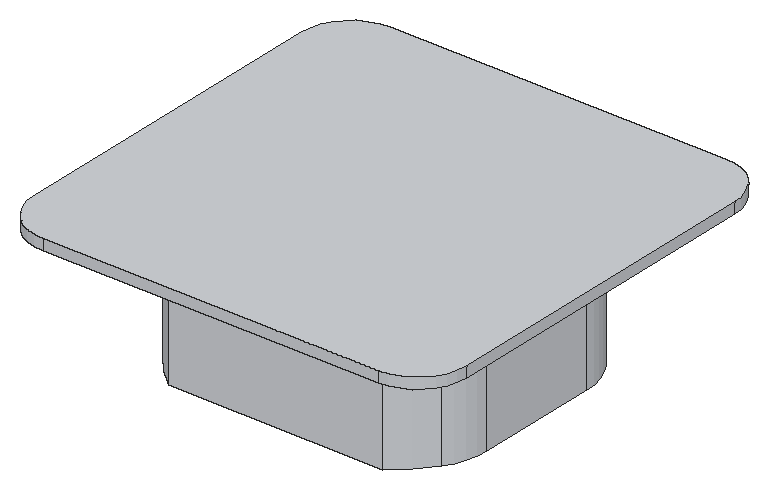
Revit family "Gira_125900", category Electrical Fixtures, host Face, Revit 2017
Family settings
  Host = Face
  Maintain Annotation Orientation = Yes
  Round Connector Dimension = Use Diameter
  Part Type = Normal
  Cut with Voids When Loaded = No
  Shared = No
  Room Calculation Point = No
Parameters (values of type "Erweiterungsmodul EB-Lautsprecher Türko")
  Werkstoff = "sonstige"
  URL = "http://katalog.gira.de/de_DE/datenblatt.html?artikelnr=125900"
  Region = "DE"
  Name = "Erweiterungsmodul EB-Lautsprecher Türko"
  Manufacturer URL = "https://www.gira.de/"
  Keynote = "Einsatz_1fach"
  HeinzeBIM = "https://bimportal.heinze.de/bim/erweiterungsmodul-eb-lautsprecher-tuerko/785e8086404ef15881451c3820b6e1d7654401e4"
  HAN = "125900"
  Geeignet für = "Außenstation"
  GTIN = "4010337259008"
  Default Elevation = 1219.2 mm
  Data sheet (1) = "https://katalog.gira.de/de_DE/download.html?artikelnr=125900"
  Category = "Montagezubehör für Türkommunikation"
  Available = "Yes"
Reference planes
  plane 1 "Center (Front/Back)": y = 0
  plane 2: z = 0
  plane 3 "Center (Left/Right)": x = 0
Forms (mm)
  Extrusion 1, solid, detail levels fine
    sketch origin (0, 0, 0) x (1, 0, 0) y (0, 1, 0)
      loop
        line (27.475, 35.475) -> (-27.475, 35.475)
        arc (-27.475, 35.475) -> (-33.132, 33.132) -> (-35.475, 27.475) r 8
        line (-35.475, 27.475) -> (-35.475, -27.475)
        arc (-35.475, -27.475) -> (-33.132, -33.132) -> (-27.475, -35.475) r 8
        line (-27.475, -35.475) -> (27.475, -35.475)
        arc (27.475, -35.475) -> (33.132, -33.132) -> (35.475, -27.475) r 8
        line (35.475, -27.475) -> (35.475, 27.475)
        arc (35.475, 27.475) -> (33.132, 33.132) -> (27.475, 35.475) r 8
    from 0 to 1.8
  Extrusion 2, solid, detail levels fine
    sketch origin (0, 0, 0) x (1, 0, 0) y (0, 1, 0)
      loop
        line (9.678, 25.4) -> (-9.678, 25.4)
        arc (-9.678, 25.4) -> (-12.885, 24.922) -> (-15.814, 23.53) r 11
        arc (-15.814, 23.53) -> (-17.795, 22.07) -> (-19.641, 20.444) r 28.35
        arc (-19.641, 20.444) -> (-21.339, 18.665) -> (-22.876, 16.745) r 28.35
        arc (-22.876, 16.745) -> (-24.456, 13.666) -> (-25, 10.248) r 11
        line (-25, 10.248) -> (-25, -10.248)
        arc (-25, -10.248) -> (-24.456, -13.666) -> (-22.876, -16.745) r 11
        arc (-22.876, -16.745) -> (-20.409, -19.677) -> (-17.569, -22.25) r 28.35
        line (-17.569, -22.25) -> (17.569, -22.25)
        arc (17.569, -22.25) -> (20.409, -19.677) -> (22.876, -16.745) r 28.35
        arc (22.876, -16.745) -> (24.456, -13.666) -> (25, -10.248) r 11
        line (25, -10.248) -> (25, 10.248)
        arc (25, 10.248) -> (24.456, 13.666) -> (22.876, 16.745) r 11
        arc (22.876, 16.745) -> (21.593, 18.37) -> (20.195, 19.897) r 28.35
        arc (20.195, 19.897) -> (18.096, 21.823) -> (15.814, 23.53) r 28.35
        arc (15.814, 23.53) -> (12.885, 24.922) -> (9.678, 25.4) r 11
    from 0 to -22
  Extrusion 3, solid, detail levels medium
    sketch origin (0, 0, 0) x (1, 0, 0) y (0, 1, 0)
      loop
        line (-25, 25.4) -> (-25, -22.25) -> (25, -22.25) -> (25, 25.4) -> (-25, 25.4)
    from 0 to -22
  Extrusion 4, solid, detail levels coarse
    sketch origin (0, 0, 0) x (1, 0, 0) y (0, 1, 0)
      loop
        line (35.475, 35.475) -> (-35.475, 35.475) -> (-35.475, -35.475) -> (35.475, -35.475) -> (35.475, 35.475)
    from -22 to 1.8
  Extrusion 5, solid, detail levels medium
    sketch origin (0, 0, 0) x (1, 0, 0) y (0, 1, 0)
      loop
        line (35.475, 35.475) -> (-35.475, 35.475) -> (-35.475, -35.475) -> (35.475, -35.475) -> (35.475, 35.475)
    from 0 to 1.8
Dimensions and locks
  aligned and locked: plane 2 to host face
  aligned and locked: level to host face
  aligned and locked: plane 3 "Center (Left/Right)" to nested 1
  aligned and locked: plane 1 "Center (Front/Back)" to nested 1
Nested families
  nested 1: "RJ45-Datendose Beschriftung" at (0, 0, 0), type "RJ45-Datendose Beschriftung"
Connectors
  electrical at (0, 0, -22)
    settings: on Extrusion 4, index 1, voltage 220 V, apparent load 0 VA, apparent load phase1 0 VA, apparent load phase2 0 VA, apparent load phase3 0 VA, power factor 1, load classification "Other", number of poles 1, system type 30, power factor state 1, is connector primary yes, connector utility no, sub classification motor no, connector description ""
Definition of nested family "RJ45-Datendose Beschriftung"
  Reference planes
    plane 1: y = 0
    plane 2: x = 0
  Lines and regions (mm)
    Filled region 1, type "Gefüllter Bereich 1"
      outline origin (0, 0, 0) x (1, 0, 0) y (0, 1, 0)
        loop
          circle (0, 2.4) r 0.4
    detail lines
      curve 1: line (0, 0, 0) -> (0, 2, 0)
      curve 2: line (0, 2, 0) -> (1.2, 2, 0)
      curve 3: line (1.2, 2, 0) -> (1.2, 3.6, 0)
      curve 4: circle (0, 2.4, 0) r 0.4 normal (0, 0, 1)
      curve 5: line (0, 2, 0) -> (-1.2, 2, 0)
      curve 6: line (-1.2, 2, 0) -> (-1.2, 3.6, 0)
